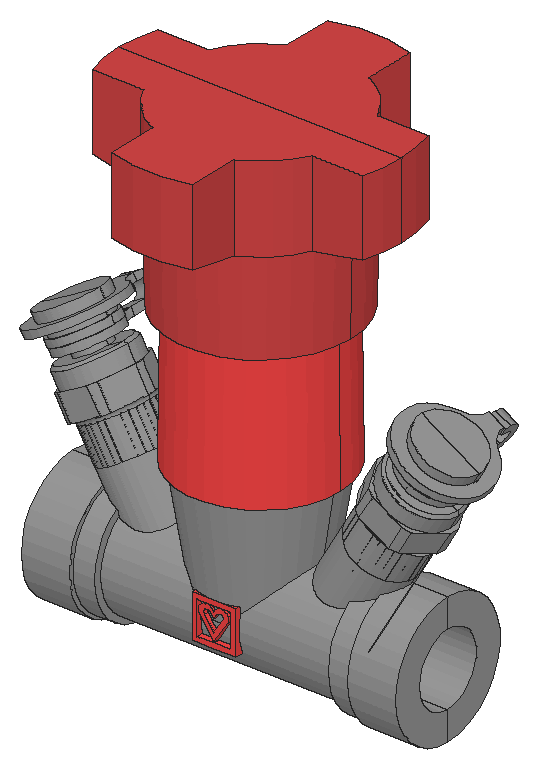
Revit family "HERZ Strömax Commissioning Valve With Test Points 4217 GN", category Rohrzubehör, Revit 2021
Family settings
  Bemaßung runder Anschluss = Durchmesser verwenden
  Teiletyp = Unterbricht
  OmniClass-Nummer = 23.65.55.14
  OmniClass-Titel = Valves for Liquid Services
  Arbeitsebenenbasiert = Nein
  Immer vertikal = Ja
  Beim Laden mit Abzugskörper schneiden = Nein
  Gemeinsam genutzt = Nein
Parameters
  kvs-value [instance] = if(Nennweite = 15.00 mm, 1.14, if(Nennweite = 20.00 mm, 2.38, if(Nennweite = 25.00 mm, 5.24, if(Nennweite = 32.00 mm, 8.6, if(Nennweite = 40.00 mm, 10.49, if(Nennweite = 50.00 mm, 16.78, 0))))))  # 1.14
  W02 = 60.00°  # constant formula
  W01 = 30.00°  # constant formula
  Vorgabe-Ansicht = 0.00 mm
  URL = "www.herzvalves.com"
  Spindle seals = "EPDM"  # constant formula
  Spindle = "brass CW617N"  # constant formula
  SC_NennweiteBerechnet = 0
  SC_Dimension = ""
  SCRNSEQ = "ARM;ARM_TYP=\"STRV\";2"
  SCRNCODE = "05;07;02"  # constant formula
  S02 = 60.00 mm  # constant formula
  S01 [instance] = DN15_DN50  # 92.00 mm
  R01 [instance] = size_lookup("4217_GN_", "R1", 1.00 mm, Nennweite)  # 11.35 mm
  Part number [instance] = size_lookup("4217_GN_", "Artnr", 0, Nennweite)  # 1421771
  Nennweite [instance] = 15.00 mm
  Model = "STRÖMAX-GN commissioning valve with equal percentage characteristic graph and test points, 1/2′′ – 2′′.\r\nScrew down model, brass version, socket x socket, non-rising spindle, spindle seal by means of double-O-ring, presetting by limitation of valve lift by means of internal spindle;\r\ndisplay of presetting step on the handwheel shaft."
  Medium = "Water purity in accordance with the OeNORM H5195 and VDI 2035 standards.\r\nEthylene and propylene glycol can be mixed to a ratio of 25 - 50 vol. %."
  Max. operating pressure = 2500000.0 Pa  # constant formula
  Max. operating temperature (up to DN32) = 130 °C  # constant formula
  Max. operating temperature (from DN40) = 110 °C  # constant formula
  ML02 [instance] = size_lookup("4217_GN_", "ML2", 1.00 mm, Nennweite)  # 29.70 mm
  ML01 [instance] = size_lookup("4217_GN_", "ML1", 1.00 mm, Nennweite)  # 15.15 mm
  MD01 = 7.40 mm  # constant formula
  L02 [instance] = size_lookup("4217_GN_", "L2", 1.00 mm, Nennweite)  # 10.00 mm
  L01 [instance] = size_lookup("4217_GN_", "L1", 1.00 mm, Nennweite)  # 14.70 mm
  L00 [instance] = size_lookup("4217_GN_", "L", 1.00 mm, Nennweite)  # 78.00 mm
  Internal threaded connectors = "acc. ISO 7/1"  # constant formula
  IG [instance] = Nennweite / 2  # 7.50 mm
  Hersteller = "HERZ Armaturen Ges.m.b.H."  # constant formula
  Hand wheel = "Polyamide, red"  # constant formula
  H01 = 41.50 mm  # constant formula
  H00 [instance] = size_lookup("4217_GN_", "H", 1.00 mm, Nennweite)  # 25.40 mm
  Weight [instance] = if(Nennweite = 15.00 mm, "0.50 kg", if(Nennweite = 20.00 mm, "0.58 kg", if(Nennweite = 25.00 mm, "0.81 kg", if(Nennweite = 32.00 mm, "1.2 kg", if(Nennweite = 40.00 mm, "1.37 kg", if(Nennweite = 50.00 mm, "2.06 kg", "0 kg"))))))  # "0.50 kg"
  GT [instance] = size_lookup("4217_GN_", "GT", 1.00 mm, Nennweite)  # 13.20 mm
  Field of application = "For hydraulic balancing in heating and cooling systems, adjustment of distribution mains, circuits, heat exchangers, heating and cooling registers, etc.\r\nClose the valve clockwise."
  Installation position = "The non-rising valve spindle arranged perpendicular to the valve axis guarantees optimum accessibility and optimum valve operation in any installation position."
  Differential pressure measurement = "STRÖMAX-GN commissioning valve is equipped with two test points.\r\nThe differential pressure can be measured using a suitable measuring instrument, which permits calculation of the flow rate as a function of the respective presetting step.\r\nThe HERZ-Measuring computer (1 8900 05) permits direct flow rate reading (consult the equipment manual)."
  DN50 [instance] = Nennweite = 50.00 mm  # no
  DN40 [instance] = Nennweite = 40.00 mm  # no
  DN32 [instance] = Nennweite = 32.00 mm  # no
  DN25 [instance] = Nennweite = 25.00 mm  # no
  DN20 [instance] = Nennweite = 20.00 mm  # no
  DN15_DN50 [instance] = if(Nennweite = 15.00 mm, 92.00 mm, if(Nennweite = 20.00 mm, 95.00 mm, if(Nennweite = 25.00 mm, 102.00 mm, if(Nennweite = 32.00 mm, 114.00 mm, if(Nennweite = 40.00 mm, 114.00 mm, if(Nennweite = 50.00 mm, 119.00 mm, 0.00 mm))))))  # 92.00 mm
  DN15 [instance] = Nennweite = 15.00 mm  # yes
  D05 = 16.75 mm  # constant formula
  D04 = 16.25 mm  # constant formula
  D03 [instance] = size_lookup("4217_GN_", "D3", 1.00 mm, Nennweite)  # 15.50 mm
  D02 [instance] = size_lookup("4217_GN_", "D2", 1.00 mm, Nennweite)  # 13.50 mm
  D01 [instance] = size_lookup("4217_GN_", "D1", 1.00 mm, Nennweite)  # 12.70 mm
  Body = "brass CW602N"  # constant formula
Reference planes
  plane 1 "Mitte (Vorne/hinten)": y = 0
  plane 2: z = 0
  plane 3 "Mitte (Links/rechts)": x = 0
Forms (mm)
  Revolve 1, solid, material "Messing, weicher Gelbton, geschweißt", detail levels fine
    sketch origin (0, 0, 0) x (1, 0, 0) y (0, 0, 1)
      loop
        line (-39, 13.5) -> (-39, 7.5) -> (-25.8, 7.5) -> (-25.8, 0) -> (25.8, 0) -> (25.8, 7.5) -> (39, 7.5) -> (39, 13.5) -> (29, 13.5) -> (29, 12.7) -> (24.3, 12.7) -> (24.3, 11.35) -> (-24.3, 11.35) -> (-24.3, 12.7) -> (-29, 12.7) -> (-29, 13.5) -> (-39, 13.5)
      axis (-39, 0) -> (39, 0)
    angle from 0 to 360
  Revolve 2, solid, material "Messing, weicher Gelbton, geschweißt", detail levels fine
    sketch origin (0, 0, 0) x (1, 0, 0) y (0, 0, 1)
      loop
        line (15.15, 0) -> (30, 25.721) -> (23.591, 29.421) -> (8.741, 3.7) -> (15.15, 0)
      axis (15.15, 0) -> (30, 25.721)
    angle from 0 to 360
  Revolve 3, solid, material "Messing, weicher Gelbton, geschweißt", detail levels fine
    sketch origin (0, 0, 0) x (-1, 0, 0) y (0, 0, 1)
      loop
        line (15.15, 0) -> (30, 25.721) -> (23.591, 29.421) -> (8.741, 3.7) -> (15.15, 0)
      axis (15.15, 0) -> (30, 25.721)
    angle from 0 to 360
  Revolve 4, solid, material "Messing, weicher Gelbton, geschweißt", detail levels fine
    sketch origin (0, 0, 0) x (1, 0, 0) y (0, 0, 1)
      loop
        line (0, 0) -> (0, 25.4) -> (-15.5, 25.4) -> (-11.35, 0) -> (0, 0)
      axis (0, 25.4) -> (0, 0)
    angle from 0 to 360
  Revolve 5, solid, material "Kunsstoff rot", detail levels fine
    sketch origin (0, 0, 0) x (1, 0, 0) y (0, 0, 1)
      loop
        line (0, 25.4) -> (0, 66.9) -> (-16.25, 66.9) -> (-16.75, 25.4) -> (0, 25.4)
      axis (0, 66.9) -> (0, 25.4)
    angle from 0 to 360
Lines and regions (mm)
  model lines, detail levels coarse+medium
    curve 1: line (-39, 0, 13.5) -> (-39, 0, -13.5)
    curve 2: line (-39, 0, -13.5) -> (39, 0, 13.5)
    curve 3: line (39, 0, 13.5) -> (39, 0, -13.5)
    curve 4: line (39, 0, -13.5) -> (-39, 0, 13.5)
    curve 5: line (0, 0, 0) -> (53.116, 0, 92)
    curve 6: line (27.135, 0, 107) -> (79.097, 0, 77)
    curve 7: line (-39, 13.5, 0) -> (-39, -13.5, 0)
    curve 8: line (-39, -13.5, 0) -> (39, 13.5, 0)
    curve 9: line (39, 13.5, 0) -> (39, -13.5, 0)
    curve 10: line (39, -13.5, 0) -> (-39, 13.5, 0)
    curve 11: line (0, 0, 0) -> (53.116, 92, 0)
    curve 12: line (27.135, 107, 0) -> (79.097, 77, 0)
Dimensions and locks
  "IG": Revolve 1 sketch curve to plane 2
  "GT": Revolve 1 sketch curve to Revolve 1 sketch curve  (x2)
  "IG": Revolve 1 sketch curve to Revolve 1 sketch curve
  "D01": Revolve 1 sketch curve to Revolve 1 sketch curve  (x2)
  "L02": Revolve 1 sketch curve to Revolve 1 sketch curve  (x2)
  "D02": Revolve 1 sketch curve to plane 2  (x2)
  equal spacing: Revolve 1 sketch curve, plane 3 "Mitte (Links/rechts)", Revolve 1 sketch curve
  "L00": Revolve 1 sketch curve to Revolve 1 sketch curve
  "R01": nested 1 to plane 1 "Mitte (Vorne/hinten)"
  "ML01": Revolve 2 sketch curve to plane 3 "Mitte (Links/rechts)"
  "ML02": Revolve 2 sketch curve to Revolve 2 sketch curve
  "MD01": Revolve 2 sketch curve to Revolve 2 sketch curve  (x2)
  "ML02": Revolve 3 sketch curve to Revolve 3 sketch curve
  "MD01": Revolve 3 sketch curve to Revolve 3 sketch curve  (x2)
  "ML01": plane 3 "Mitte (Links/rechts)" to Revolve 3 sketch curve
  "D02": curve 4 to plane 2 to curve 2
  "D02": curve 3 to plane 2 to curve 4
  equal spacing: curve 1, plane 3 "Mitte (Links/rechts)", curve 3
  "L00": curve 1 to curve 3
  equal spacing: Revolve 1, curve 5, Revolve 1
  "S01": curve 5 to plane 2
  equal spacing: curve 6, curve 5, curve 6
  "S02": curve 6 to curve 6
  "D02": curve 8 to plane 1 "Mitte (Vorne/hinten)" to curve 10
  "D02": curve 10 to plane 1 "Mitte (Vorne/hinten)" to curve 9
  equal spacing: curve 7, plane 3 "Mitte (Links/rechts)", curve 9
  "L00": curve 7 to curve 9
  equal spacing: curve 7, curve 11, curve 9
  "S01": plane 1 "Mitte (Vorne/hinten)" to curve 11
  equal spacing: curve 12, curve 11, curve 12
  "S02": curve 12 to curve 12
  "R01": Revolve 1 sketch curve to plane 2
  "H00": Revolve 4 sketch curve to plane 2
  "D03": Revolve 4 sketch curve to Revolve 4 sketch curve
  "R01": Revolve 4 sketch curve to Revolve 4 sketch curve
  "L01": Revolve 1 sketch curve to Revolve 1 sketch curve  (x2)
  "H01": Revolve 5 sketch curve to Revolve 5 sketch curve
  "H00": Revolve 5 sketch curve to plane 2
  "D04": Revolve 5 sketch curve to Revolve 5 sketch curve
  "D05": Revolve 5 sketch curve to Revolve 5 sketch curve
  "DN15_DN50": nested 14 to plane 2
  "W01": angle Revolve 2 sketch curve to plane 3 "Mitte (Links/rechts)"  (x2)
  "W01": angle plane 3 "Mitte (Links/rechts)" to Revolve 3 sketch curve  (x2)
  "W02": angle plane 2 to curve 5
  "W02": angle plane 1 "Mitte (Vorne/hinten)" to curve 11
  aligned and locked: level to plane 2
Automatic sketch dimensions
  Revolve 1 sketch curve to level = 0.00 mm  (x2)
  Revolve 1 sketch curve to Revolve 1 sketch curve = 1429.986 mm
  Revolve 1 sketch curve to Revolve 1 sketch curve = 1762.604 mm
  Revolve 2 sketch curve to level = 0.00 mm  (x2)
  Revolve 3 sketch curve to level = 0.00 mm  (x2)
  Revolve 4 sketch curve to level = 0.00 mm
  Revolve 4 sketch curve to plane 3 "Mitte (Links/rechts)" = 0.00 mm  (x2)
  Revolve 4 sketch curve to level = 366.045 mm
  Revolve 4 sketch curve to Revolve 4 sketch curve = 2188.915 mm
  Revolve 5 sketch curve to plane 3 "Mitte (Links/rechts)" = 0.00 mm  (x2)
  Revolve 5 sketch curve to level = 366.045 mm
  Revolve 5 sketch curve to Revolve 5 sketch curve = 2147.415 mm
Nested families
  nested 1: "Herz-Logo-vorne" at (0, -11.35, 0) x (0, 1, 0) z (0, 0, 1), type "Herz-Logo-vorne", detail levels fine
  nested 2: "Messstutzen_Band_Austritt_30Grad_(oben)" at (37.95, 0, 29.878), visible <- "DN50", type "Messstutzen_Band_Austritt_30Grad_(oben)", detail levels fine
    with Schutzkappe yes, Nennweite 0.00 mm, Gewicht 0.00 kg, Bestellnummer 0
  nested 3: "Messstutzen_Band_Eintritt_30Grad_(oben)" at (-37.95, 0, 29.878) x (-1, 0, 0) z (0, 0, 1), visible <- "DN50", type "Messstutzen_Band_Eintritt_30Grad_(oben)", detail levels fine
    with Schutzkappe yes, Nennweite 0.00 mm, Gewicht 0.00 kg, Bestellnummer 0
  nested 4: "Messstutzen_Band_Austritt_30Grad_(oben)" at (21.25, 0, 10.566), visible <- "DN15", type "Messstutzen_Band_Austritt_30Grad_(oben)", detail levels fine
    with Schutzkappe yes, Nennweite 0.00 mm, Gewicht 0.00 kg, Bestellnummer 0
  nested 5: "Messstutzen_Band_Eintritt_30Grad_(oben)" at (-21.25, 0, 10.566) x (-1, 0, 0) z (0, 0, 1), visible <- "DN15", type "Messstutzen_Band_Eintritt_30Grad_(oben)", detail levels fine
    with Schutzkappe yes, Nennweite 0.00 mm, Gewicht 0.00 kg, Bestellnummer 0
  nested 6: "Messstutzen_Band_Eintritt_30Grad_(oben)" at (-20.175, 0, 12.601) x (-1, 0, 0) z (0, 0, 1), visible <- "DN20", type "Messstutzen_Band_Eintritt_30Grad_(oben)", detail levels fine
    with Schutzkappe yes, Nennweite 0.00 mm, Gewicht 0.00 kg, Bestellnummer 0
  nested 7: "Messstutzen_Band_Austritt_30Grad_(oben)" at (20.175, 0, 12.601), visible <- "DN20", type "Messstutzen_Band_Austritt_30Grad_(oben)", detail levels fine
    with Schutzkappe yes, Nennweite 0.00 mm, Gewicht 0.00 kg, Bestellnummer 0
  nested 8: "Messstutzen_Band_Eintritt_30Grad_(oben)" at (-21.8, 0, 15.762) x (-1, 0, 0) z (0, 0, 1), visible <- "DN25", type "Messstutzen_Band_Eintritt_30Grad_(oben)", detail levels fine
    with Schutzkappe yes, Nennweite 0.00 mm, Gewicht 0.00 kg, Bestellnummer 0
  nested 9: "Messstutzen_Band_Austritt_30Grad_(oben)" at (21.8, 0, 15.762), visible <- "DN25", type "Messstutzen_Band_Austritt_30Grad_(oben)", detail levels fine
    with Schutzkappe yes, Nennweite 0.00 mm, Gewicht 0.00 kg, Bestellnummer 0
  nested 10: "Messstutzen_Band_Eintritt_30Grad_(oben)" at (-27.95, 0, 20.352) x (-1, 0, 0) z (0, 0, 1), visible <- "DN32", type "Messstutzen_Band_Eintritt_30Grad_(oben)", detail levels fine
    with Schutzkappe yes, Nennweite 0.00 mm, Gewicht 0.00 kg, Bestellnummer 0
  nested 11: "Messstutzen_Band_Austritt_30Grad_(oben)" at (27.95, 0, 20.352), visible <- "DN32", type "Messstutzen_Band_Austritt_30Grad_(oben)", detail levels fine
    with Schutzkappe yes, Nennweite 0.00 mm, Gewicht 0.00 kg, Bestellnummer 0
  nested 12: "Messstutzen_Band_Eintritt_30Grad_(oben)" at (-33.7, 0, 23.729) x (-1, 0, 0) z (0, 0, 1), visible <- "DN40", type "Messstutzen_Band_Eintritt_30Grad_(oben)", detail levels fine
    with Schutzkappe yes, Nennweite 0.00 mm, Gewicht 0.00 kg, Bestellnummer 0
  nested 13: "Messstutzen_Band_Austritt_30Grad_(oben)" at (33.7, 0, 23.729), visible <- "DN40", type "Messstutzen_Band_Austritt_30Grad_(oben)", detail levels fine
    with Schutzkappe yes, Nennweite 0.00 mm, Gewicht 0.00 kg, Bestellnummer 0
  nested 14: "Strangregulierventil-Handrad_(Rot) DN15-DN50" at (0, 0, 54.6), type "Strangregulierventil-Handrad_(Rot) DN15-DN50", detail levels fine
Connectors
  piping at (-25.8, 0, 0), diameter 15, driven by "Nennweite"
    settings: on Revolve 1, index 1, connector inside diameter 609.6 mm, connector length 0.00 mm, flow factor 0, pipe flow 0.0 L/s, pressure drop 0.0 Pa, fitting loss kfactor 0, connector angle 0.00°, fixture units 0, engagement length 0.00 mm, angle of deflection 0.00°, flow configuration 0, flow direction 1, fitting loss method 0, system type 29, joint type 0, gender type 0, connector reference index -1, connector utility 0, adjustable connector no, is connector primary yes, connector description ""
  piping at (25.8, 0, 0), diameter 15, driven by "Nennweite"
    settings: on Revolve 1, index 2, connector inside diameter 609.6 mm, connector length 0.00 mm, flow factor 0, pipe flow 0.0 L/s, pressure drop 0.0 Pa, fitting loss kfactor 0, connector angle 0.00°, fixture units 0, engagement length 0.00 mm, angle of deflection 0.00°, flow configuration 0, flow direction 2, fitting loss method 0, system type 29, joint type 0, gender type 0, connector reference index -1, connector utility 0, adjustable connector no, is connector primary no, connector description ""
Definition of nested family "Herz-Logo-vorne"
  Parameters (values of type "Herz-Logo-vorne")
    Default Elevation = 0.00 mm
  Reference planes
    plane 1 "Mitte (Vorne/hinten)": y = 0
    plane 2: z = 0
    plane 3 "Mitte (Links/rechts)": x = 0
  Forms (mm)
    Extrusion 1, solid
      sketch origin (0.732, -0.018, 0.017) x (0, -1, 0) y (0, 0, 1)
        loop
          line (-0.018, -4.517) -> (4.482, -4.517) -> (4.482, 4.483) -> (-4.518, 4.483) -> (-4.518, -4.517) -> (-0.018, -4.517)
        loop
          line (-0.05, -3.48) -> (3.482, -3.48) -> (3.482, 3.483) -> (-3.518, 3.483) -> (-3.518, -3.48) -> (-0.05, -3.48)
        loop
          arc (-0.018, 2.383) -> (-1.543, 3.287) -> (-3.067, 2.383) r 1.738
          arc (-3.067, 2.383) -> (-3.191, 1.899) -> (-3.067, 1.415) r 1.009
          line (-3.067, 1.415) -> (-0.018, -3.281) -> (3.032, 1.415)
          arc (3.032, 1.415) -> (3.156, 1.899) -> (3.032, 2.383) r 1.009
          arc (3.032, 2.383) -> (1.507, 3.287) -> (-0.018, 2.383) r 1.738
        loop
          arc (1.885, 1.272) -> (2.005, 1.675) -> (1.885, 2.079) r 0.74
          arc (1.885, 2.079) -> (1.265, 2.416) -> (0.644, 2.079) r 0.74
          line (0.644, 2.079) -> (-0.018, 0.97) -> (-0.679, 2.079)
          arc (-0.679, 2.079) -> (-1.3, 2.416) -> (-1.921, 2.079) r 0.74
          arc (-1.921, 2.079) -> (-2.04, 1.675) -> (-1.921, 1.272) r 0.74
          line (-1.921, 1.272) -> (-0.018, -1.658) -> (1.885, 1.272)
      from 0 to 1.5
  Dimensions and locks
    aligned and locked: level to plane 2
Definition of nested family "Messstutzen_Band_Austritt_30Grad_(oben)"
  Parameters (values of type "Messstutzen_Band_Austritt_30Grad_(oben)")
    Default Elevation = 0.00 mm
    URL = "www.herz-armaturen.at"
    Schutzkappe [instance] = yes
    Nennweite [instance] = 0.00 mm
    Manufacturer = "Herz Armaturen GmbH"  # constant formula
    Gewicht [instance] = 0.00 kg
    Bestellnummer [instance] = 0
  Reference planes
    plane 1 "Mitte (Vorne/hinten)": y = 0
    plane 2: z = 0
    plane 3 "Mitte (Links/rechts)": x = 0
  Forms (mm)
    Revolve 1, solid, detail levels fine
      sketch origin (0, 0, 0) x (0.866025, 0, -0.5) y (0.5, 0, 0.866025)
        loop
          line (-7.4, 9) -> (-5.55, 9) -> (-5.55, 6)
          arc (-5.55, 6) -> (-5.626, 5.617) -> (-5.843, 5.293) r 1
          line (-5.843, 5.293) -> (-6.455, 4.681) -> (-6.455, 0.9) -> (-5.555, 0) -> (-2, 0) -> (-2, 17.5) -> (-8.4, 17.5)
          arc (-8.4, 17.5) -> (-7.693, 17.207) -> (-7.4, 16.5) r 1
          line (-7.4, 16.5) -> (-7.4, 9)
        loop
          line (-3.7, 27) -> (-7.3, 27) -> (-7.9, 26.4) -> (-7.9, 23) -> (-2, 23) -> (-2, 35.8) -> (-3.805, 35.8) -> (-4.415, 35.19) -> (-4.415, 30.863) -> (-3.7, 30.45) -> (-3.7, 27)
        axis (0, 0) -> (0, 35.8)
      angle from 0 to 360
    Extrusion 2, solid, detail levels fine
      sketch origin (8.75, 0, 15.155) x (0, 1, 0) y (-0.866025, 0, 0.5)
        loop
          arc (-7.07, 5.156) -> (-7.578, 4.375) -> (-8, 3.544) r 8.75
          line (-8, 3.544) -> (-8, -3.544)
          arc (-8, -3.544) -> (-7.578, -4.375) -> (-7.07, -5.156) r 8.75
          line (-7.07, -5.156) -> (-0.93, -8.7)
          arc (-0.93, -8.7) -> (0, -8.75) -> (0.93, -8.7) r 8.75
          line (0.93, -8.7) -> (7.07, -5.156)
          arc (7.07, -5.156) -> (7.578, -4.375) -> (8, -3.544) r 8.75
          line (8, -3.544) -> (8, 3.544)
          arc (8, 3.544) -> (7.578, 4.375) -> (7.07, 5.156) r 8.75
          line (7.07, 5.156) -> (0.93, 8.7)
          arc (0.93, 8.7) -> (0, 8.75) -> (-0.93, 8.7) r 8.75
          line (-0.93, 8.7) -> (-7.07, 5.156)
      from 0 to 5.5
    Revolve 3, solid, visible <- "Schutzkappe", detail levels fine
      sketch origin (0, 0, 0) x (0.866025, 0, -0.5) y (0.5, 0, 0.866025)
        loop
          line (0, 35.878) -> (0, 36.678) -> (-7, 36.678) -> (-7, 33.378) -> (-6.1, 33.378) -> (-6.1, 31.678) -> (-6.9, 31.678) -> (-6.9, 30.178) -> (-4.415, 30.178) -> (-4.415, 35.268) -> (-3.805, 35.878) -> (0, 35.878)
        axis (0, 30.178) -> (0, 36.678)
      angle from 0 to 360
    Extrusion 4, solid, detail levels fine
      sketch origin (14.25, 0, 24.682) x (0, 1, 0) y (0.866025, 0, -0.5)
        loop
          circle (0, 0) r 3.7
        loop
          arc (5.505, -3.906) -> (7.288, -2.358) -> (9.582, -1.8) r 5
          line (9.582, -1.8) -> (9.582, 1.8)
          arc (9.582, 1.8) -> (7.288, 2.358) -> (5.505, 3.906) r 5
          arc (5.505, 3.906) -> (-6.75, 0) -> (5.505, -3.906) r 6.75
      from 0 to -1.5
    Extrusion 5, solid, detail levels fine
      sketch origin (16.589, 0, 28.733) x (0, 1, 0) y (0.866025, 0, -0.5)
        loop
          circle (0, 0) r 6.1
        loop
          arc (8.652, -4.495) -> (10.493, -2.527) -> (13.089, -1.8) r 5
          line (13.089, -1.8) -> (13.089, 1.8)
          arc (13.089, 1.8) -> (10.493, 2.527) -> (8.652, 4.495) r 5
          arc (8.652, 4.495) -> (-9.75, 0) -> (8.652, -4.495) r 9.75
      from 0 to -1.5
    Sweep 6, solid, detail levels fine
      path origin (1.029, 0.159, 0.98) x (-0.5, 0, -0.866025) y (0, 1, 0)
        loop
          line (-27.75, 9.582) -> (-27.75, 14.522)
          arc (-27.75, 14.522) -> (-30.089, 16.862) -> (-32.428, 14.522) r 2.339
          line (-32.428, 14.522) -> (-32.428, 13.089)
      profile origin (14.904, 12.211, 25.012) x (0.5, 0, 0.866025) y (0.866025, 0, -0.5)
        loop
          line (-0.75, -1.8) -> (0.75, -1.8) -> (0.75, 1.8) -> (-0.75, 1.8) -> (-0.75, -1.8)
  Dimensions and locks
    aligned and locked: level to plane 2
Definition of nested family "Messstutzen_Band_Eintritt_30Grad_(oben)"
  Parameters (values of type "Messstutzen_Band_Eintritt_30Grad_(oben)")
    Default Elevation = 0.00 mm
    URL = "www.herz-armaturen.at"
    Schutzkappe [instance] = yes
    Nennweite [instance] = 0.00 mm
    Manufacturer = "Herz Armaturen GmbH"  # constant formula
    Gewicht [instance] = 0.00 kg
    Bestellnummer [instance] = 0
  Reference planes
    plane 1 "Mitte (Vorne/hinten)": y = 0
    plane 2: z = 0
    plane 3 "Mitte (Links/rechts)": x = 0
  Forms (mm)
    Revolve 1, solid, detail levels fine
      sketch origin (0, 0, 0) x (0.866025, 0, -0.5) y (0.5, 0, 0.866025)
        loop
          line (-7.4, 9) -> (-5.55, 9) -> (-5.55, 6)
          arc (-5.55, 6) -> (-5.626, 5.617) -> (-5.843, 5.293) r 1
          line (-5.843, 5.293) -> (-6.455, 4.681) -> (-6.455, 0.9) -> (-5.555, 0) -> (-2, 0) -> (-2, 17.5) -> (-8.4, 17.5)
          arc (-8.4, 17.5) -> (-7.693, 17.207) -> (-7.4, 16.5) r 1
          line (-7.4, 16.5) -> (-7.4, 9)
        loop
          line (-3.7, 27) -> (-7.3, 27) -> (-7.9, 26.4) -> (-7.9, 23) -> (-2, 23) -> (-2, 35.8) -> (-3.805, 35.8) -> (-4.415, 35.19) -> (-4.415, 30.863) -> (-3.7, 30.45) -> (-3.7, 27)
        axis (0, 0) -> (0, 35.8)
      angle from 0 to 360
    Extrusion 2, solid, detail levels fine
      sketch origin (8.75, 0, 15.155) x (0, 1, 0) y (-0.866025, 0, 0.5)
        loop
          arc (-7.07, 5.156) -> (-7.578, 4.375) -> (-8, 3.544) r 8.75
          line (-8, 3.544) -> (-8, -3.544)
          arc (-8, -3.544) -> (-7.578, -4.375) -> (-7.07, -5.156) r 8.75
          line (-7.07, -5.156) -> (-0.93, -8.7)
          arc (-0.93, -8.7) -> (0, -8.75) -> (0.93, -8.7) r 8.75
          line (0.93, -8.7) -> (7.07, -5.156)
          arc (7.07, -5.156) -> (7.578, -4.375) -> (8, -3.544) r 8.75
          line (8, -3.544) -> (8, 3.544)
          arc (8, 3.544) -> (7.578, 4.375) -> (7.07, 5.156) r 8.75
          line (7.07, 5.156) -> (0.93, 8.7)
          arc (0.93, 8.7) -> (0, 8.75) -> (-0.93, 8.7) r 8.75
          line (-0.93, 8.7) -> (-7.07, 5.156)
      from 0 to 5.5
    Revolve 3, solid, visible <- "Schutzkappe", detail levels fine
      sketch origin (0, 0, 0) x (0.866025, 0, -0.5) y (0.5, 0, 0.866025)
        loop
          line (0, 35.878) -> (0, 36.678) -> (-7, 36.678) -> (-7, 33.378) -> (-6.1, 33.378) -> (-6.1, 31.678) -> (-6.9, 31.678) -> (-6.9, 30.178) -> (-4.415, 30.178) -> (-4.415, 35.268) -> (-3.805, 35.878) -> (0, 35.878)
        axis (0, 30.178) -> (0, 36.678)
      angle from 0 to 360
    Extrusion 4, solid, detail levels fine
      sketch origin (14.25, 0, 24.682) x (0, 1, 0) y (0.866025, 0, -0.5)
        loop
          circle (0, 0) r 3.7
        loop
          arc (5.505, -3.906) -> (7.288, -2.358) -> (9.582, -1.8) r 5
          line (9.582, -1.8) -> (9.582, 1.8)
          arc (9.582, 1.8) -> (7.288, 2.358) -> (5.505, 3.906) r 5
          arc (5.505, 3.906) -> (-6.75, 0) -> (5.505, -3.906) r 6.75
      from 0 to -1.5
    Extrusion 5, solid, detail levels fine
      sketch origin (16.589, 0, 28.733) x (0, 1, 0) y (0.866025, 0, -0.5)
        loop
          circle (0, 0) r 6.1
        loop
          arc (8.652, -4.495) -> (10.493, -2.527) -> (13.089, -1.8) r 5
          line (13.089, -1.8) -> (13.089, 1.8)
          arc (13.089, 1.8) -> (10.493, 2.527) -> (8.652, 4.495) r 5
          arc (8.652, 4.495) -> (-9.75, 0) -> (8.652, -4.495) r 9.75
      from 0 to -1.5
    Sweep 6, solid, detail levels fine
      path origin (0.933, -0.183, 1.116) x (-0.5, 0, -0.866025) y (0, 1, 0)
        loop
          line (-27.75, 9.582) -> (-27.75, 14.522)
          arc (-27.75, 14.522) -> (-30.089, 16.862) -> (-32.428, 14.522) r 2.339
          line (-32.428, 14.522) -> (-32.428, 13.089)
      profile origin (14.808, 11.869, 25.148) x (0.5, 0, 0.866025) y (0.866025, 0, -0.5)
        loop
          line (-0.75, -1.8) -> (0.75, -1.8) -> (0.75, 1.8) -> (-0.75, 1.8) -> (-0.75, -1.8)
  Dimensions and locks
    aligned and locked: level to plane 2
Definition of nested family "Strangregulierventil-Handrad_(Rot) DN15-DN50"
  Parameters (values of type "Strangregulierventil-Handrad_(Rot) DN15-DN50")
    Default Elevation = 0.00 mm
  Reference planes
    plane 1 "Mitte (Vorne/hinten)": y = 0
    plane 2: z = 0
    plane 3 "Mitte (Links/rechts)": x = 0
  Forms (mm)
    Revolve 1, solid, detail levels fine
      sketch origin (0, 0, 0) x (1, 0, 0) y (0, 0, 1)
        loop
          line (0, 0) -> (0, 37.4) -> (-29.4, 37.4) -> (-29.4, 21.6) -> (-19.25, 19.5) -> (-18.9, 0) -> (0, 0)
        axis (0, 37.4) -> (0, 0)
      angle from 0 to 360
    Extrusion 2, void
      sketch origin (0, 0, 0) x (1, 0, 0) y (0, 1, 0)
        loop
          arc (-8.5, 17.528) -> (-13.774, 13.774) -> (-17.528, 8.5) r 19.48
          line (-17.528, 8.5) -> (-28.144, 8.5)
          arc (-28.144, 8.5) -> (-29.4, 0) -> (-28.144, -8.5) r 29.4
          line (-28.144, -8.5) -> (-17.528, -8.5)
          arc (-17.528, -8.5) -> (-13.774, -13.774) -> (-8.5, -17.528) r 19.48
          line (-8.5, -17.528) -> (-8.5, -28.144)
          arc (-8.5, -28.144) -> (0, -29.4) -> (8.5, -28.144) r 29.4
          line (8.5, -28.144) -> (8.5, -17.528)
          arc (8.5, -17.528) -> (13.774, -13.774) -> (17.528, -8.5) r 19.48
          line (17.528, -8.5) -> (28.144, -8.5)
          arc (28.144, -8.5) -> (29.4, 0) -> (28.144, 8.5) r 29.4
          line (28.144, 8.5) -> (17.528, 8.5)
          arc (17.528, 8.5) -> (13.774, 13.774) -> (8.5, 17.528) r 19.48
          line (8.5, 17.528) -> (8.5, 28.144)
          arc (8.5, 28.144) -> (0, 29.4) -> (-8.5, 28.144) r 29.4
          line (-8.5, 28.144) -> (-8.5, 17.528)
        loop
          circle (0, 0) r 33
      from 17.15 to 46.765
  Cuts and joins
    Extrusion 2 cuts Revolve 1
  Dimensions and locks
    aligned and locked: level to plane 2
